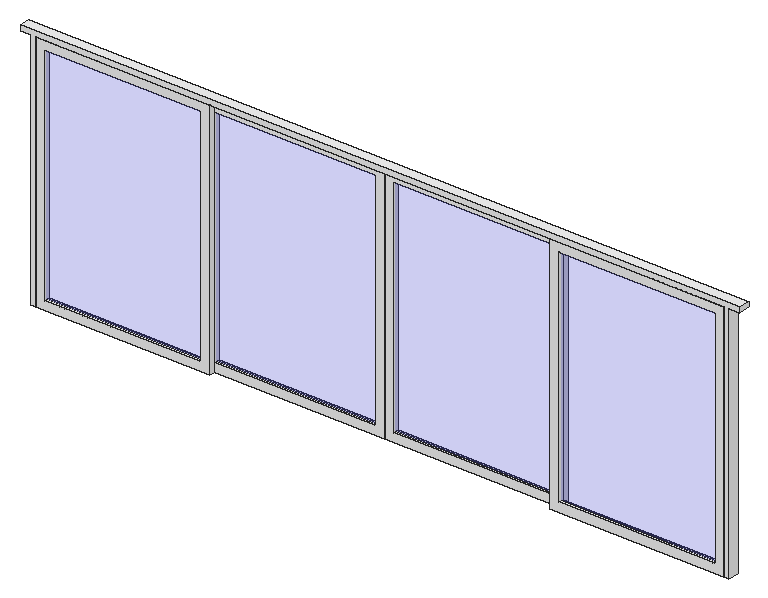
Revit family "DSP_A3-Cape-Windows-Sliding-Double-5908w", category Doors, host Wall, Revit 2016
Family settings
  Host = Wall
  Always vertical = Yes
  Cut with Voids When Loaded = No
  Shared = No
  Room Calculation Point = No
Parameters (values of type "4708w X 2090h")
  URL = ""
  Thickness = 0 mm
  Rough Width = 0 mm
  Rough Height = 0 mm
  Model Type = "Double Sliding"
  Model = "Patio Doors"
  Material Glass = Glass
  Material Door Frame = Default uPVC Door Frame
  Manufacturer Code = "U6SDB-4"
  Manufacturer = "Cape Windows"
  Height = 2090 mm
  Wall Closure = By host
  Width = 5908 mm
  Function = Interior
  Construction Type = "uPVC"
  Assembly Code = "B2030130"
Reference planes
  plane 1 "Center Line": y = 0
  plane 2 "Center (Left/Right)": x = 75.5
  plane 3 "Left": x = -2878.5
  plane 4 "Right": x = 3029.5
  plane 5: z = 2090
  plane 6 "Exterior": y = 110
  plane 7 "Interior": y = -110
  plane 8: x = 3119.5
  plane 9: x = -2968.5
  plane 10: z = 75
  plane 11 "Exterior Panel": y = 46
  plane 12 "Interior Panel": y = -46
  plane 13: x = 0.5
  plane 14: x = 150.5
  plane 15: x = -1401.5
  plane 16: x = 1552.5
  plane 17: x = -1439
  plane 18: x = -1364
  plane 19: x = 1515
  plane 20: x = 1590
Forms (mm)
  Sweep 1, solid, material "Default uPVC Door Frame" <- "Material Door Frame", detail levels medium+fine
    path origin (0, 0, 0) x (1, 0, 0) y (0, 0, 1)
      loop
        line (3119.5, 2090) -> (-2968.5, 2090)
    profile "Frame Sliding door profile upvc : Frame Sliding door profile upvc" origin (75.5, 0, 2090) x (0, 0, -1) y (0, -1, 0)
      loop
        line (0, -46) -> (40, -46) -> (40, 46) -> (0, 46) -> (0, -46)
  Sweep 2, solid, material "Default uPVC Door Frame" <- "Material Door Frame", detail levels medium+fine
    path origin (0, 0, 0) x (1, 0, 0) y (0, 0, 1)
      loop
        line (3029.5, 0) -> (3029.5, 2090)
    profile "Frame Sliding door profile upvc : Frame Sliding door profile upvc" origin (3029.5, 0, 1045) x (-1, 0, 0) y (0, -1, 0)
      loop
        line (0, -46) -> (40, -46) -> (40, 46) -> (0, 46) -> (0, -46)
  Sweep 3, solid, material "Default uPVC Door Frame" <- "Material Door Frame", detail levels medium+fine
    path origin (0, 0, 0) x (1, 0, 0) y (0, 0, 1)
      loop
        line (-2878.5, 0) -> (-2878.5, 2090)
    profile "Frame Sliding door profile upvc : Frame Sliding door profile upvc" origin (-2878.5, 0, 1045) x (-1, 0, 0) y (0, -1, 0)
      loop
        line (0, -46) -> (0, 46) -> (-40, 46) -> (-40, -46) -> (0, -46)
  Extrusion 4, solid, material "Default uPVC Door Frame" <- "Material Door Frame", detail levels medium+fine
    sketch origin (0, -46, 0) x (1, 0, 0) y (0, 0, -1)
      loop
        line (2989.5, 0) -> (1515, 0) -> (1515, -2050) -> (2989.5, -2050) -> (2989.5, 0)
      loop
        line (1590, -75) -> (1590, -1975) -> (2914.5, -1975) -> (2914.5, -75) -> (1590, -75)
    from 0 to 44
  Extrusion 5, solid, material "Glass", detail levels medium+fine
    sketch origin (0, -46, 0) x (1, 0, 0) y (0, 0, -1)
      loop
        line (2914.5, -75) -> (1590, -75) -> (1590, -1975) -> (2914.5, -1975) -> (2914.5, -75)
    from 18 to 28
  Extrusion 6, solid, material "Default uPVC Door Frame" <- "Material Door Frame", detail levels medium+fine
    sketch origin (0, 46, 0) x (1, 0, 0) y (0, 0, -1)
      loop
        line (75.5, 0) -> (-1439, 0) -> (-1439, -2050) -> (75.5, -2050) -> (75.5, 0)
      loop
        line (0.5, -75) -> (-1364, -75) -> (-1364, -1975) -> (0.5, -1975) -> (0.5, -75)
    from 0 to -44
  Extrusion 7, solid, material "Glass", detail levels medium+fine
    sketch origin (0, 46, 0) x (1, 0, 0) y (0, 0, -1)
      loop
        line (0.5, -75) -> (-1364, -75) -> (-1364, -1975) -> (0.5, -1975) -> (0.5, -75)
    from -18 to -28
  Extrusion 8, solid, material "Default uPVC Door Frame" <- "Material Door Frame", detail levels medium+fine
    sketch origin (151, 46, 0) x (-1, 0, 0) y (0, 0, 1)
      loop
        line (75.5, 0) -> (75.5, 2050) -> (-1439, 2050) -> (-1439, 0) -> (75.5, 0)
      loop
        line (0.5, 75) -> (0.5, 1975) -> (-1364, 1975) -> (-1364, 75) -> (0.5, 75)
    from 0 to -44
  Extrusion 9, solid, material "Glass", detail levels medium+fine
    sketch origin (151, 46, 0) x (-1, 0, 0) y (0, 0, 1)
      loop
        line (0.5, 75) -> (0.5, 1975) -> (-1364, 1975) -> (-1364, 75) -> (0.5, 75)
    from -18 to -28
  Extrusion 10, solid, material "Default uPVC Door Frame" <- "Material Door Frame", detail levels medium+fine
    sketch origin (151, -46, 0) x (-1, 0, 0) y (0, 0, 1)
      loop
        line (2989.5, 0) -> (2989.5, 2050) -> (1515, 2050) -> (1515, 0) -> (2989.5, 0)
      loop
        line (2914.5, 75) -> (2914.5, 1975) -> (1590, 1975) -> (1590, 75) -> (2914.5, 75)
    from 0 to 44
  Extrusion 11, solid, material "Glass", detail levels medium+fine
    sketch origin (151, -46, 0) x (-1, 0, 0) y (0, 0, 1)
      loop
        line (2914.5, 75) -> (2914.5, 1975) -> (1590, 1975) -> (1590, 75) -> (2914.5, 75)
    from 18 to 28
Cuts and joins
  joined: Sweep 1, Sweep 2, Sweep 3
Lines and regions (mm)
  Opening 1
    outline origin (-3050, -110, 0) x (1, 0, 0) y (0, 0, 1)
      loop
        line (171.5, 0) -> (6079.5, 0) -> (6079.5, 2090) -> (171.5, 2090) -> (171.5, 0)
  symbolic lines, style "DoorsPanelProjection", detail levels coarse
    curve 1: line (-1401.5, 23, 0) -> (-2878.5, 23, 0)
    curve 2: line (1552.5, -24, 0) -> (-1401.5, -24, 0)
    curve 3: line (3029.5, 23, 0) -> (1552.5, 23, 0)
  symbolic lines, style "Overhead", detail levels medium+fine
    curve 4: line (-2878.5, 110, 0) -> (3029.5, 110, 0)
    curve 5: line (3029.5, -110, 0) -> (-2878.5, -110, 0)
Text (mm)
  text "Exterior" at (-2295.016, 1099.543, 0), in view "Ref. Level"
  text "Exterior" at (0, 1615.38, 3698.081), in view "Left"
  text "Exterior" at (0, 1036.032, 3874.932), in view "Right"
Dimensions and locks
  equal spacing: plane 3 "Left", plane 2 "Center (Left/Right)", plane 4 "Right"
  "Width": plane 3 "Left" to plane 4 "Right"
  "Height": plane 5 to host wall
  host wall to plane 5 = 2090 mm
  locked: host wall to plane 6 "Exterior" at 0
  locked: plane 7 "Interior" to host wall
  locked: plane 4 "Right" to plane 8 at 90
  locked: plane 9 to plane 3 "Left" at 90
  locked: plane 1 "Center Line" to plane 11 "Exterior Panel" at 46
  locked: plane 12 "Interior Panel" to plane 1 "Center Line" at 46
  locked: plane 13 to plane 2 "Center (Left/Right)" at 75
  locked: plane 2 "Center (Left/Right)" to plane 14 at 75
  level to plane 10 = 75 mm
  locked: plane 17 to plane 15 at 37.5
  locked: plane 15 to plane 18 at 37.5
  locked: plane 19 to plane 16 at 37.5
  locked: plane 16 to plane 20 at 37.5
  equal spacing: plane 3 "Left", plane 15, plane 2 "Center (Left/Right)"
  equal spacing: plane 2 "Center (Left/Right)", plane 16, plane 4 "Right"
  aligned and locked: plane 3 "Left" to Opening 1 sketch curve
  aligned and locked: plane 5 to Opening 1 sketch curve  (x2)
  aligned and locked: Opening 1 sketch curve to plane 4 "Right"
  aligned and locked: Opening 1 sketch curve to level
  aligned and locked: host wall to plane 1 "Center Line"
  aligned and locked: Extrusion 6 sketch curve to plane 2 "Center (Left/Right)"
  aligned and locked: Extrusion 7 sketch curve to Extrusion 6  (x2)
  aligned and locked: Extrusion 5 sketch curve to Extrusion 4  (x2)
Automatic sketch dimensions
  Sweep 1 sketch curve to plane 5 = 0 mm
  Sweep 1 sketch curve to plane 9 = 0 mm
  Sweep 1 sketch curve to plane 8 = 0 mm
  Sweep 2 sketch curve to plane 4 "Right" = 0 mm
  Sweep 2 sketch curve to level = 0 mm
  Sweep 2 sketch curve to plane 5 = 0 mm
  Sweep 3 sketch curve to plane 3 "Left" = 0 mm
  Sweep 3 sketch curve to level = 0 mm
  Sweep 3 sketch curve to plane 5 = 0 mm
  Extrusion 5 sketch curve to plane 10 = 0 mm
  plane 5 to Extrusion 5 sketch curve = 115 mm
  Extrusion 6 sketch curve to level = 0 mm
  Extrusion 6 sketch curve to plane 10 = 0 mm
  plane 5 to Extrusion 6 sketch curve = 115 mm
  plane 5 to Extrusion 6 sketch curve = 40 mm
  Extrusion 7 sketch curve to plane 10 = 0 mm
  plane 5 to Extrusion 7 sketch curve = 115 mm
  Extrusion 8 sketch curve to level = 0 mm
  plane 17 to Extrusion 8 sketch curve = 3029 mm
  plane 18 to Extrusion 8 sketch curve = 2879 mm
  Extrusion 8 sketch curve to plane 10 = 0 mm
  plane 13 to Extrusion 8 sketch curve = 150 mm
  Extrusion 8 sketch curve to plane 2 "Center (Left/Right)" = 0 mm
  plane 5 to Extrusion 8 sketch curve = 115 mm
  plane 5 to Extrusion 8 sketch curve = 40 mm
  Extrusion 9 sketch curve to plane 10 = 0 mm
  plane 18 to Extrusion 9 sketch curve = 2879 mm
  plane 13 to Extrusion 9 sketch curve = 150 mm
  plane 5 to Extrusion 9 sketch curve = 115 mm
  Extrusion 10 sketch curve to level = 0 mm
  Extrusion 10 sketch curve to plane 19 = 2879 mm
  Extrusion 10 sketch curve to plane 20 = 3029 mm
  Extrusion 10 sketch curve to plane 10 = 0 mm
  Extrusion 10 sketch curve to plane 4 "Right" = 5793 mm
  Extrusion 10 sketch curve to plane 4 "Right" = 5868 mm
  plane 5 to Extrusion 10 sketch curve = 115 mm
  plane 5 to Extrusion 10 sketch curve = 40 mm
  Extrusion 11 sketch curve to plane 10 = 0 mm
  Extrusion 11 sketch curve to plane 20 = 3029 mm
  Extrusion 11 sketch curve to plane 4 "Right" = 5793 mm
  plane 5 to Extrusion 11 sketch curve = 115 mm
  plane 17 to Extrusion 4 sketch curve = 3029 mm
  Extrusion 4 sketch curve to plane 10 = 0 mm
  Extrusion 4 sketch curve to level = 0 mm
  plane 3 "Left" to Extrusion 4 sketch curve = 5793 mm
  plane 3 "Left" to Extrusion 4 sketch curve = 5868 mm
  plane 5 to Extrusion 4 sketch curve = 115 mm
  plane 5 to Extrusion 4 sketch curve = 40 mm
  Extrusion 4 sketch curve to plane 19 = 0 mm
  Extrusion 6 sketch curve to plane 17 = 0 mm
  Extrusion 6 sketch curve to plane 18 = 0 mm
  Extrusion 6 sketch curve to plane 13 = 0 mm
  curve 1 to plane 3 "Left" = 0 mm
  curve 4 to host wall = 0 mm
  curve 4 to plane 3 "Left" = 0 mm
  curve 5 to host wall = 0 mm
  curve 5 to plane 3 "Left" = 0 mm
  curve 2 to plane 15 = 0 mm
  curve 1 to plane 15 = 0 mm
  curve 2 to plane 16 = 0 mm
  curve 3 to plane 16 = 0 mm
  curve 5 to plane 4 "Right" = 0 mm
  curve 4 to plane 4 "Right" = 0 mm
  curve 3 to plane 4 "Right" = 0 mm
  curve 2 to plane 12 "Interior Panel" = 22 mm
  curve 3 to host wall = 23 mm
  curve 1 to host wall = 23 mm
Nested families
  nested 1: "arrow" at (400.5, -160, 0), type "arrow", detail levels medium+fine
  nested 2: "arrow" at (365.5, 0, 1160) x (1, 0, 0) z (0, 1, 0), type "arrow"
  nested 3: "arrow" at (-214.5, 0, 1160) x (-1, 0, 0) z (0, 1, 0), type "arrow"
  nested 4: "arrow" at (-249.5, -160, 0) x (-1, 0, 0) z (0, 0, 1), type "arrow", detail levels medium+fine
Definition of nested family "arrow"
  Reference planes
    plane 1 "Center (Front/Back)": y = 0
    plane 2: z = 0
    plane 3 "Center (Left/Right)": x = 0
  Lines and regions (mm)
    detail lines, in view "Ref. Level"
      curve 1: line (-100, 0, 0) -> (100, 0, 0)
      curve 2: line (100, 0, 0) -> (57.574, -42.426, 0)
      curve 3: line (100, 0, 0) -> (57.574, 42.426, 0)
